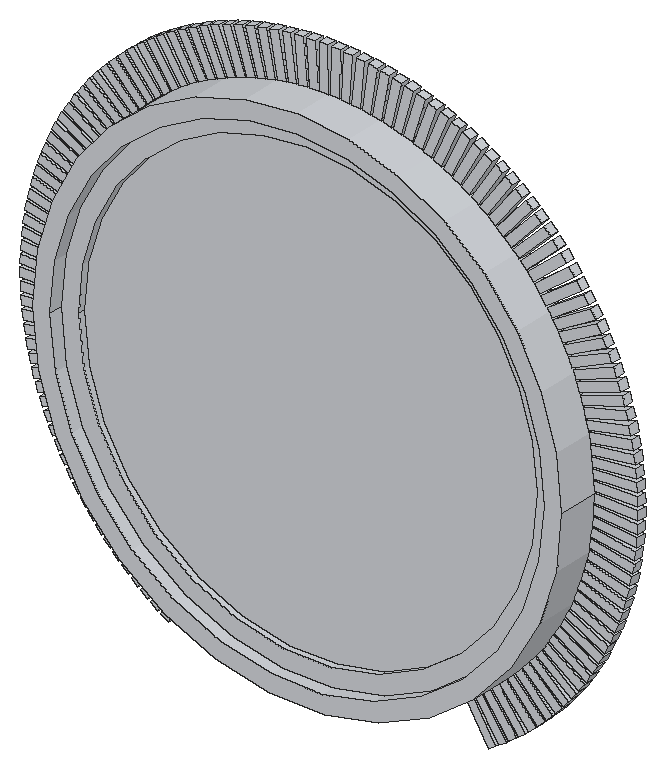
Revit family "Puerta entrada HOBBIT", category Puertas, Revit 2016
Family settings
  Anfitrión = Muro
  Número OmniClass = 23.30.10.00
  Título OmniClass = Doors
  Siempre vertical = Sí
  Corte con vacíos al cargar = No
  Compartido = No
  Punto de cálculo de habitación = No
Parameters
  PUERTA_mitad de grosor = 37.305 mm
  PUERTA-material = none
  PUERTA-grosor = 74.402 mm
  PUERTA-diametro = 2600 mm
  POMO-material = none
  POMO-altura = 1500 mm
  Material ladrillo = none
  MARCO-material = none
  MARCO-linea interior = 2800 mm
  MARCO-linea exterior = 3000 mm
  LADRILLO-material = none
  Función = Interior
  Proyección marco ext. = 25 mm
  Proyección marco int. = 25 mm
  Anchura de marco = 75 mm
  Altura = 3000 mm
  Cierre de muro = Por anfitrión
  Anchura = 1000 mm
Reference planes
  plane 1: y = 0
  plane 2 "Centro (Izquierda/Derecha)": x = 0
  plane 3 "Izquierda": x = -500
  plane 4 "Derecha": x = 500
  plane 5: z = 3000
  plane 6 "Exterior": y = 75
  plane 7 "Interior": y = -75
Forms (mm)
  Sweep 1, solid, material <- "MARCO-material"
    path origin (0, 75, 0) x (1, 0, 0) y (0, 0, 1)
      loop
        circle (0, 1500) r 1500
    profile origin (0, 75, 3000) x (0, 0, -1) y (0, -1, 0)
      loop
        line (0, -75) -> (100, -75) -> (100, 0) -> (200, 0) -> (200, 150) -> (100, 150) -> (100, 225) -> (0, 225) -> (0, -75)
  Extrusion 2, solid, material <- "PUERTA-material"
    sketch origin (0, 75, 0) x (1, 0, 0) y (0, 0, 1)
      loop
        circle (0, 1500) r 1300
    from 37.695 to 112.098
  Revolve 3, solid, material <- "POMO-material"
    sketch origin (0, -137.695, 0) x (0, 1, 0) y (0, 0, 1)
      loop
        line (175, 1560) -> (175, 1500) -> (375, 1500)
        arc (375, 1500) -> (334.126, 1556.87) -> (267.193, 1536.256) r 60
        arc (267.193, 1536.256) -> (229.697, 1511.727) -> (185, 1514.86) r 70.236
        line (185, 1514.86) -> (185, 1560) -> (175, 1560)
      axis (175, 1500) -> (375, 1500)
    angle from 0 to 360
  Extrusion 4, solid, material <- "LADRILLO-material"
    sketch origin (-792.476, 75, 2773.57) x (-0.849047, 0, -0.528317) y (0.528317, 0, -0.849047)
      loop
        line (25, 3250) -> (-25, 3250) -> (-25, 3000) -> (25, 3000) -> (25, 3250)
    from -50.793 to 0
  Extrusion 5, solid, material <- "LADRILLO-material"
    sketch origin (798.309, 75, 2769.923) x (-0.846615, 0, 0.532206) y (-0.532206, 0, -0.846615)
      loop
        line (25, 3250) -> (-25, 3250) -> (-25, 3000) -> (25, 3000) -> (25, 3250)
    from -50.793 to 0
  Extrusion 6, solid, material <- "LADRILLO-material"
    sketch origin (-842.581, 75, 2740.99) x (-0.827327, 0, -0.561721) y (0.561721, 0, -0.827327)
      loop
        line (25, 3250) -> (-25, 3250) -> (-25, 3000) -> (25, 3000) -> (25, 3250)
    from -50.793 to 0
  Extrusion 7, solid, material <- "LADRILLO-material"
    sketch origin (-891.348, 75, 2706.44) x (-0.804293, 0, -0.594232) y (0.594232, 0, -0.804293)
      loop
        line (25, 3250) -> (-25, 3250) -> (-25, 3000) -> (25, 3000) -> (25, 3250)
    from -50.793 to 0
  Extrusion 8, solid, material <- "LADRILLO-material"
    sketch origin (-938.701, 75, 2669.975) x (-0.779983, 0, -0.6258) y (0.6258, 0, -0.779983)
      loop
        line (25, 3250) -> (-25, 3250) -> (-25, 3000) -> (25, 3000) -> (25, 3250)
    from -50.793 to 0
  Extrusion 9, solid, material <- "LADRILLO-material"
    sketch origin (-984.563, 75, 2631.652) x (-0.754435, 0, -0.656375) y (0.656375, 0, -0.754435)
      loop
        line (25, 3250) -> (-25, 3250) -> (-25, 3000) -> (25, 3000) -> (25, 3250)
    from -50.793 to 0
  Extrusion 10, solid, material <- "LADRILLO-material"
    sketch origin (-1028.862, 75, 2591.533) x (-0.727688, 0, -0.685908) y (0.685908, 0, -0.727688)
      loop
        line (25, 3250) -> (-25, 3250) -> (-25, 3000) -> (25, 3000) -> (25, 3250)
    from -50.793 to 0
  Extrusion 11, solid, material <- "LADRILLO-material"
    sketch origin (-1071.527, 75, 2549.681) x (-0.699787, 0, -0.714352) y (0.714352, 0, -0.699787)
      loop
        line (25, 3250) -> (-25, 3250) -> (-25, 3000) -> (25, 3000) -> (25, 3250)
    from -50.793 to 0
  Extrusion 12, solid, material <- "LADRILLO-material"
    sketch origin (-1112.492, 75, 2506.162) x (-0.670775, 0, -0.741661) y (0.741661, 0, -0.670775)
      loop
        line (25, 3250) -> (-25, 3250) -> (-25, 3000) -> (25, 3000) -> (25, 3250)
    from -50.793 to 0
  Extrusion 13, solid, material <- "LADRILLO-material"
    sketch origin (-1151.69, 75, 2461.046) x (-0.640697, 0, -0.767794) y (0.767794, 0, -0.640697)
      loop
        line (25, 3250) -> (-25, 3250) -> (-25, 3000) -> (25, 3000) -> (25, 3250)
    from -50.793 to 0
  Extrusion 14, solid, material <- "LADRILLO-material"
    sketch origin (-1190.663, 75, 2412.316) x (-0.608211, 0, -0.793776) y (0.793776, 0, -0.608211)
      loop
        line (25, 3250) -> (-25, 3250) -> (-25, 3000) -> (25, 3000) -> (25, 3250)
    from -50.793 to 0
  Extrusion 15, solid, material <- "LADRILLO-material"
    sketch origin (-1226.23, 75, 2363.921) x (-0.575948, 0, -0.817487) y (0.817487, 0, -0.575948)
      loop
        line (25, 3250) -> (-25, 3250) -> (-25, 3000) -> (25, 3000) -> (25, 3250)
    from -50.793 to 0
  Extrusion 16, solid, material <- "LADRILLO-material"
    sketch origin (-1259.831, 75, 2314.142) x (-0.542761, 0, -0.839887) y (0.839887, 0, -0.542761)
      loop
        line (25, 3250) -> (-25, 3250) -> (-25, 3000) -> (25, 3000) -> (25, 3250)
    from -50.793 to 0
  Extrusion 17, solid, material <- "LADRILLO-material"
    sketch origin (-1291.412, 75, 2263.057) x (-0.508705, 0, -0.860941) y (0.860941, 0, -0.508705)
      loop
        line (25, 3250) -> (-25, 3250) -> (-25, 3000) -> (25, 3000) -> (25, 3250)
    from -50.793 to 0
  Extrusion 18, solid, material <- "LADRILLO-material"
    sketch origin (-1320.922, 75, 2210.749) x (-0.473833, 0, -0.880615) y (0.880615, 0, -0.473833)
      loop
        line (25, 3250) -> (-25, 3250) -> (-25, 3000) -> (25, 3000) -> (25, 3250)
    from -50.793 to 0
  Extrusion 19, solid, material <- "LADRILLO-material"
    sketch origin (-1348.315, 75, 2157.302) x (-0.438201, 0, -0.898877) y (0.898877, 0, -0.438201)
      loop
        line (25, 3250) -> (-25, 3250) -> (-25, 3000) -> (25, 3000) -> (25, 3250)
    from -50.793 to 0
  Extrusion 20, solid, material <- "LADRILLO-material"
    sketch origin (-1373.547, 75, 2102.801) x (-0.401867, 0, -0.915698) y (0.915698, 0, -0.401867)
      loop
        line (25, 3250) -> (-25, 3250) -> (-25, 3000) -> (25, 3000) -> (25, 3250)
    from -50.793 to 0
  Extrusion 21, solid, material <- "LADRILLO-material"
    sketch origin (-1396.577, 75, 2047.333) x (-0.364889, 0, -0.931051) y (0.931051, 0, -0.364889)
      loop
        line (25, 3250) -> (-25, 3250) -> (-25, 3000) -> (25, 3000) -> (25, 3250)
    from -50.793 to 0
  Extrusion 22, solid, material <- "LADRILLO-material"
    sketch origin (-1417.367, 75, 1990.988) x (-0.327326, 0, -0.944912) y (0.944912, 0, -0.327326)
      loop
        line (25, 3250) -> (-25, 3250) -> (-25, 3000) -> (25, 3000) -> (25, 3250)
    from -50.793 to 0
  Extrusion 23, solid, material <- "LADRILLO-material"
    sketch origin (-1435.886, 75, 1933.856) x (-0.289238, 0, -0.957257) y (0.957257, 0, -0.289238)
      loop
        line (25, 3250) -> (-25, 3250) -> (-25, 3000) -> (25, 3000) -> (25, 3250)
    from -50.793 to 0
  Extrusion 24, solid, material <- "LADRILLO-material"
    sketch origin (-1452.103, 75, 1876.029) x (-0.250686, 0, -0.968068) y (0.968068, 0, -0.250686)
      loop
        line (25, 3250) -> (-25, 3250) -> (-25, 3000) -> (25, 3000) -> (25, 3250)
    from -50.793 to 0
  Extrusion 25, solid, material <- "LADRILLO-material"
    sketch origin (-1465.992, 75, 1817.598) x (-0.211732, 0, -0.977328) y (0.977328, 0, -0.211732)
      loop
        line (25, 3250) -> (-25, 3250) -> (-25, 3000) -> (25, 3000) -> (25, 3250)
    from -50.793 to 0
  Extrusion 26, solid, material <- "LADRILLO-material"
    sketch origin (-1477.53, 75, 1758.659) x (-0.172439, 0, -0.98502) y (0.98502, 0, -0.172439)
      loop
        line (25, 3250) -> (-25, 3250) -> (-25, 3000) -> (25, 3000) -> (25, 3250)
    from -50.793 to 0
  Extrusion 27, solid, material <- "LADRILLO-material"
    sketch origin (-1486.7, 75, 1699.305) x (-0.13287, 0, -0.991133) y (0.991133, 0, -0.13287)
      loop
        line (25, 3250) -> (-25, 3250) -> (-25, 3000) -> (25, 3000) -> (25, 3250)
    from -50.793 to 0
  Extrusion 28, solid, material <- "LADRILLO-material"
    sketch origin (-1493.487, 75, 1639.631) x (-0.093087, 0, -0.995658) y (0.995658, 0, -0.093087)
      loop
        line (25, 3250) -> (-25, 3250) -> (-25, 3000) -> (25, 3000) -> (25, 3250)
    from -50.793 to 0
  Extrusion 29, solid, material <- "LADRILLO-material"
    sketch origin (-1497.879, 75, 1579.734) x (-0.053156, 0, -0.998586) y (0.998586, 0, -0.053156)
      loop
        line (25, 3250) -> (-25, 3250) -> (-25, 3000) -> (25, 3000) -> (25, 3250)
    from -50.793 to 0
  Extrusion 30, solid, material <- "LADRILLO-material"
    sketch origin (-1499.871, 75, 1519.708) x (-0.013139, 0, -0.999914) y (0.999914, 0, -0.013139)
      loop
        line (25, 3250) -> (-25, 3250) -> (-25, 3000) -> (25, 3000) -> (25, 3250)
    from -50.793 to 0
  Extrusion 31, solid, material <- "LADRILLO-material"
    sketch origin (-1499.457, 75, 1459.651) x (0.026899, 0, -0.999638) y (0.999638, 0, 0.026899)
      loop
        line (25, 3250) -> (-25, 3250) -> (-25, 3000) -> (25, 3000) -> (25, 3250)
    from -50.793 to 0
  Extrusion 32, solid, material <- "LADRILLO-material"
    sketch origin (-1496.64, 75, 1399.659) x (0.066894, 0, -0.99776) y (0.99776, 0, 0.066894)
      loop
        line (25, 3250) -> (-25, 3250) -> (-25, 3000) -> (25, 3000) -> (25, 3250)
    from -50.793 to 0
  Extrusion 33, solid, material <- "LADRILLO-material"
    sketch origin (-1491.424, 75, 1339.828) x (0.106782, 0, -0.994283) y (0.994283, 0, 0.106782)
      loop
        line (25, 3250) -> (-25, 3250) -> (-25, 3000) -> (25, 3000) -> (25, 3250)
    from -50.793 to 0
  Extrusion 34, solid, material <- "LADRILLO-material"
    sketch origin (-1483.816, 75, 1280.253) x (0.146498, 0, -0.989211) y (0.989211, 0, 0.146498)
      loop
        line (25, 3250) -> (-25, 3250) -> (-25, 3000) -> (25, 3000) -> (25, 3250)
    from -50.793 to 0
  Extrusion 35, solid, material <- "LADRILLO-material"
    sketch origin (-1473.83, 75, 1221.031) x (0.18598, 0, -0.982554) y (0.982554, 0, 0.18598)
      loop
        line (25, 3250) -> (-25, 3250) -> (-25, 3000) -> (25, 3000) -> (25, 3250)
    from -50.793 to 0
  Extrusion 36, solid, material <- "LADRILLO-material"
    sketch origin (-1461.482, 75, 1162.256) x (0.225163, 0, -0.974321) y (0.974321, 0, 0.225163)
      loop
        line (25, 3250) -> (-25, 3250) -> (-25, 3000) -> (25, 3000) -> (25, 3250)
    from -50.793 to 0
  Extrusion 37, solid, material <- "LADRILLO-material"
    sketch origin (-1446.79, 75, 1104.022) x (0.263985, 0, -0.964527) y (0.964527, 0, 0.263985)
      loop
        line (25, 3250) -> (-25, 3250) -> (-25, 3000) -> (25, 3000) -> (25, 3250)
    from -50.793 to 0
  Extrusion 38, solid, material <- "LADRILLO-material"
    sketch origin (-1429.779, 75, 1046.423) x (0.302385, 0, -0.953186) y (0.953186, 0, 0.302385)
      loop
        line (25, 3250) -> (-25, 3250) -> (-25, 3000) -> (25, 3000) -> (25, 3250)
    from -50.793 to 0
  Extrusion 39, solid, material <- "LADRILLO-material"
    sketch origin (-1410.476, 75, 989.551) x (0.340299, 0, -0.940317) y (0.940317, 0, 0.340299)
      loop
        line (25, 3250) -> (-25, 3250) -> (-25, 3000) -> (25, 3000) -> (25, 3250)
    from -50.793 to 0
  Extrusion 40, solid, material <- "LADRILLO-material"
    sketch origin (-1388.912, 75, 933.498) x (0.377668, 0, -0.925941) y (0.925941, 0, 0.377668)
      loop
        line (25, 3250) -> (-25, 3250) -> (-25, 3000) -> (25, 3000) -> (25, 3250)
    from -50.793 to 0
  Extrusion 41, solid, material <- "LADRILLO-material"
    sketch origin (-1365.121, 75, 878.353) x (0.414432, 0, -0.91008) y (0.91008, 0, 0.414432)
      loop
        line (25, 3250) -> (-25, 3250) -> (-25, 3000) -> (25, 3000) -> (25, 3250)
    from -50.793 to 0
  Extrusion 42, solid, material <- "LADRILLO-material"
    sketch origin (-1339.141, 75, 824.204) x (0.450531, 0, -0.892761) y (0.892761, 0, 0.450531)
      loop
        line (25, 3250) -> (-25, 3250) -> (-25, 3000) -> (25, 3000) -> (25, 3250)
    from -50.793 to 0
  Extrusion 43, solid, material <- "LADRILLO-material"
    sketch origin (-1311.015, 75, 771.139) x (0.485908, 0, -0.87401) y (0.87401, 0, 0.485908)
      loop
        line (25, 3250) -> (-25, 3250) -> (-25, 3000) -> (25, 3000) -> (25, 3250)
    from -50.793 to 0
  Extrusion 44, solid, material <- "LADRILLO-material"
    sketch origin (-1280.787, 75, 719.242) x (0.520506, 0, -0.853858) y (0.853858, 0, 0.520506)
      loop
        line (25, 3250) -> (-25, 3250) -> (-25, 3000) -> (25, 3000) -> (25, 3250)
    from -50.793 to 0
  Extrusion 45, solid, material <- "LADRILLO-material"
    sketch origin (-1248.506, 75, 668.596) x (0.554269, 0, -0.832338) y (0.832338, 0, 0.554269)
      loop
        line (25, 3250) -> (-25, 3250) -> (-25, 3000) -> (25, 3000) -> (25, 3250)
    from -50.793 to 0
  Extrusion 46, solid, material <- "LADRILLO-material"
    sketch origin (-1214.224, 75, 619.284) x (0.587144, 0, -0.809483) y (0.809483, 0, 0.587144)
      loop
        line (25, 3250) -> (-25, 3250) -> (-25, 3000) -> (25, 3000) -> (25, 3250)
    from -50.793 to 0
  Extrusion 47, solid, material <- "LADRILLO-material"
    sketch origin (-1177.995, 75, 571.384) x (0.619078, 0, -0.78533) y (0.78533, 0, 0.619078)
      loop
        line (25, 3250) -> (-25, 3250) -> (-25, 3000) -> (25, 3000) -> (25, 3250)
    from -50.793 to 0
  Extrusion 48, solid, material <- "LADRILLO-material"
    sketch origin (-1139.877, 75, 524.972) x (0.650019, 0, -0.759918) y (0.759918, 0, 0.650019)
      loop
        line (25, 3250) -> (-25, 3250) -> (-25, 3000) -> (25, 3000) -> (25, 3250)
    from -50.793 to 0
  Extrusion 49, solid, material <- "LADRILLO-material"
    sketch origin (-1099.932, 75, 480.123) x (0.679918, 0, -0.733288) y (0.733288, 0, 0.679918)
      loop
        line (25, 3250) -> (-25, 3250) -> (-25, 3000) -> (25, 3000) -> (25, 3250)
    from -50.793 to 0
  Extrusion 50, solid, material <- "LADRILLO-material"
    sketch origin (-1058.224, 75, 436.909) x (0.708727, 0, -0.705483) y (0.705483, 0, 0.708727)
      loop
        line (25, 3250) -> (-25, 3250) -> (-25, 3000) -> (25, 3000) -> (25, 3250)
    from -50.793 to 0
  Extrusion 51, solid, material <- "LADRILLO-material"
    sketch origin (-1014.819, 75, 395.4) x (0.7364, 0, -0.676546) y (0.676546, 0, 0.7364)
      loop
        line (25, 3250) -> (-25, 3250) -> (-25, 3000) -> (25, 3000) -> (25, 3250)
    from -50.793 to 0
  Extrusion 52, solid, material <- "LADRILLO-material"
    sketch origin (-969.788, 75, 355.661) x (0.762893, 0, -0.646525) y (0.646525, 0, 0.762893)
      loop
        line (25, 3250) -> (-25, 3250) -> (-25, 3000) -> (25, 3000) -> (25, 3250)
    from -50.793 to 0
  Extrusion 53, solid, material <- "LADRILLO-material"
    sketch origin (-923.201, 75, 317.757) x (0.788162, 0, -0.615468) y (0.615468, 0, 0.788162)
      loop
        line (25, 3250) -> (-25, 3250) -> (-25, 3000) -> (25, 3000) -> (25, 3250)
    from -50.793 to 0
  Extrusion 54, solid, material <- "LADRILLO-material"
    sketch origin (-875.135, 75, 281.748) x (0.812168, 0, -0.583423) y (0.583423, 0, 0.812168)
      loop
        line (25, 3250) -> (-25, 3250) -> (-25, 3000) -> (25, 3000) -> (25, 3250)
    from -50.793 to 0
  Extrusion 55, solid, material <- "LADRILLO-material"
    sketch origin (-825.666, 75, 247.692) x (0.834872, 0, -0.550444) y (0.550444, 0, 0.834872)
      loop
        line (25, 3250) -> (-25, 3250) -> (-25, 3000) -> (25, 3000) -> (25, 3250)
    from -50.793 to 0
  Extrusion 56, solid, material <- "LADRILLO-material"
    sketch origin (-774.873, 75, 215.644) x (0.856238, 0, -0.516582) y (0.516582, 0, 0.856238)
      loop
        line (25, 3250) -> (-25, 3250) -> (-25, 3000) -> (25, 3000) -> (25, 3250)
    from -50.793 to 0
  Extrusion 57, solid, material <- "LADRILLO-material"
    sketch origin (-722.838, 75, 185.654) x (0.876231, 0, -0.481892) y (0.481892, 0, 0.876231)
      loop
        line (25, 3250) -> (-25, 3250) -> (-25, 3000) -> (25, 3000) -> (25, 3250)
    from -50.793 to 0
  Extrusion 58, solid, material <- "LADRILLO-material"
    sketch origin (-669.644, 75, 157.772) x (0.894819, 0, -0.44643) y (0.44643, 0, 0.894819)
      loop
        line (25, 3250) -> (-25, 3250) -> (-25, 3000) -> (25, 3000) -> (25, 3250)
    from -50.793 to 0
  Extrusion 59, solid, material <- "LADRILLO-material"
    sketch origin (-615.377, 75, 132.041) x (0.911972, 0, -0.410251) y (0.410251, 0, 0.911972)
      loop
        line (25, 3250) -> (-25, 3250) -> (-25, 3000) -> (25, 3000) -> (25, 3250)
    from -50.793 to 0
  Extrusion 60, solid, material <- "LADRILLO-material"
    sketch origin (-560.123, 75, 108.504) x (0.927664, 0, -0.373415) y (0.373415, 0, 0.927664)
      loop
        line (25, 3250) -> (-25, 3250) -> (-25, 3000) -> (25, 3000) -> (25, 3250)
    from -50.793 to 0
  Extrusion 61, solid, material <- "LADRILLO-material"
    sketch origin (-503.971, 75, 87.197) x (0.941869, 0, -0.335981) y (0.335981, 0, 0.941869)
      loop
        line (25, 3250) -> (-25, 3250) -> (-25, 3000) -> (25, 3000) -> (25, 3250)
    from -50.793 to 0
  Extrusion 62, solid, material <- "LADRILLO-material"
    sketch origin (-447.012, 75, 68.155) x (0.954563, 0, -0.298008) y (0.298008, 0, 0.954563)
      loop
        line (25, 3250) -> (-25, 3250) -> (-25, 3000) -> (25, 3000) -> (25, 3250)
    from -50.793 to 0
  Extrusion 63, solid, material <- "LADRILLO-material"
    sketch origin (-389.335, 75, 51.408) x (0.965728, 0, -0.259557) y (0.259557, 0, 0.965728)
      loop
        line (25, 3250) -> (-25, 3250) -> (-25, 3000) -> (25, 3000) -> (25, 3250)
    from -50.793 to 0
  Extrusion 64, solid, material <- "LADRILLO-material"
    sketch origin (-331.035, 75, 36.984) x (0.975344, 0, -0.22069) y (0.22069, 0, 0.975344)
      loop
        line (25, 3250) -> (-25, 3250) -> (-25, 3000) -> (25, 3000) -> (25, 3250)
    from -50.793 to 0
  Extrusion 65, solid, material <- "LADRILLO-material"
    sketch origin (-272.204, 75, 24.905) x (0.983397, 0, -0.181469) y (0.181469, 0, 0.983397)
      loop
        line (25, 3250) -> (-25, 3250) -> (-25, 3000) -> (25, 3000) -> (25, 3250)
    from -50.793 to 0
  Extrusion 66, solid, material <- "LADRILLO-material"
    sketch origin (-212.936, 75, 15.191) x (0.989873, 0, -0.141957) y (0.141957, 0, 0.989873)
      loop
        line (25, 3250) -> (-25, 3250) -> (-25, 3000) -> (25, 3000) -> (25, 3250)
    from -50.793 to 0
  Extrusion 67, solid, material <- "LADRILLO-material"
    sketch origin (-153.327, 75, 7.857) x (0.994762, 0, -0.102218) y (0.102218, 0, 0.994762)
      loop
        line (25, 3250) -> (-25, 3250) -> (-25, 3000) -> (25, 3000) -> (25, 3250)
    from -50.793 to 0
  Extrusion 68, solid, material <- "LADRILLO-material"
    sketch origin (-93.473, 75, 2.915) x (0.998057, 0, -0.062315) y (0.062315, 0, 0.998057)
      loop
        line (25, 3250) -> (-25, 3250) -> (-25, 3000) -> (25, 3000) -> (25, 3250)
    from -50.793 to 0
  Extrusion 69, solid, material <- "LADRILLO-material"
    sketch origin (-33.468, 75, 0.373) x (0.999751, 0, -0.022312) y (0.022312, 0, 0.999751)
      loop
        line (25, 3250) -> (-25, 3250) -> (-25, 3000) -> (25, 3000) -> (25, 3250)
    from -50.793 to 0
  Extrusion 70, solid, material <- "LADRILLO-material"
    sketch origin (26.59, 75, 0.236) x (0.999843, 0, 0.017727) y (-0.017727, 0, 0.999843)
      loop
        line (25, 3250) -> (-25, 3250) -> (-25, 3000) -> (25, 3000) -> (25, 3250)
    from -50.793 to 0
  Extrusion 71, solid, material <- "LADRILLO-material"
    sketch origin (86.606, 75, 2.502) x (0.998332, 0, 0.057737) y (-0.057737, 0, 0.998332)
      loop
        line (25, 3250) -> (-25, 3250) -> (-25, 3000) -> (25, 3000) -> (25, 3250)
    from -50.793 to 0
  Extrusion 72, solid, material <- "LADRILLO-material"
    sketch origin (146.482, 75, 7.17) x (0.99522, 0, 0.097655) y (-0.097655, 0, 0.99522)
      loop
        line (25, 3250) -> (-25, 3250) -> (-25, 3000) -> (25, 3000) -> (25, 3250)
    from -50.793 to 0
  Extrusion 73, solid, material <- "LADRILLO-material"
    sketch origin (206.124, 75, 14.23) x (0.990513, 0, 0.137416) y (-0.137416, 0, 0.990513)
      loop
        line (25, 3250) -> (-25, 3250) -> (-25, 3000) -> (25, 3000) -> (25, 3250)
    from -50.793 to 0
  Extrusion 74, solid, material <- "LADRILLO-material"
    sketch origin (265.436, 75, 23.672) x (0.984219, 0, 0.176957) y (-0.176957, 0, 0.984219)
      loop
        line (25, 3250) -> (-25, 3250) -> (-25, 3000) -> (25, 3000) -> (25, 3250)
    from -50.793 to 0
  Extrusion 75, solid, material <- "LADRILLO-material"
    sketch origin (324.322, 75, 35.481) x (0.976346, 0, 0.216214) y (-0.216214, 0, 0.976346)
      loop
        line (25, 3250) -> (-25, 3250) -> (-25, 3000) -> (25, 3000) -> (25, 3250)
    from -50.793 to 0
  Extrusion 76, solid, material <- "LADRILLO-material"
    sketch origin (382.688, 75, 49.638) x (0.966908, 0, 0.255125) y (-0.255125, 0, 0.966908)
      loop
        line (25, 3250) -> (-25, 3250) -> (-25, 3000) -> (25, 3000) -> (25, 3250)
    from -50.793 to 0
  Extrusion 77, solid, material <- "LADRILLO-material"
    sketch origin (440.44, 75, 66.12) x (0.95592, 0, 0.293627) y (-0.293627, 0, 0.95592)
      loop
        line (25, 3250) -> (-25, 3250) -> (-25, 3000) -> (25, 3000) -> (25, 3250)
    from -50.793 to 0
  Extrusion 78, solid, material <- "LADRILLO-material"
    sketch origin (497.487, 75, 84.9) x (0.9434, 0, 0.331658) y (-0.331658, 0, 0.9434)
      loop
        line (25, 3250) -> (-25, 3250) -> (-25, 3000) -> (25, 3000) -> (25, 3250)
    from -50.793 to 0
  Extrusion 79, solid, material <- "LADRILLO-material"
    sketch origin (553.736, 75, 105.949) x (0.929367, 0, 0.369157) y (-0.369157, 0, 0.929367)
      loop
        line (25, 3250) -> (-25, 3250) -> (-25, 3000) -> (25, 3000) -> (25, 3250)
    from -50.793 to 0
  Extrusion 80, solid, material <- "LADRILLO-material"
    sketch origin (609.097, 75, 129.233) x (0.913844, 0, 0.406065) y (-0.406065, 0, 0.913844)
      loop
        line (25, 3250) -> (-25, 3250) -> (-25, 3000) -> (25, 3000) -> (25, 3250)
    from -50.793 to 0
  Extrusion 81, solid, material <- "LADRILLO-material"
    sketch origin (663.482, 75, 154.715) x (0.896857, 0, 0.442321) y (-0.442321, 0, 0.896857)
      loop
        line (25, 3250) -> (-25, 3250) -> (-25, 3000) -> (25, 3000) -> (25, 3250)
    from -50.793 to 0
  Extrusion 82, solid, material <- "LADRILLO-material"
    sketch origin (716.803, 75, 182.353) x (0.878431, 0, 0.477869) y (-0.477869, 0, 0.878431)
      loop
        line (25, 3250) -> (-25, 3250) -> (-25, 3000) -> (25, 3000) -> (25, 3250)
    from -50.793 to 0
  Extrusion 83, solid, material <- "LADRILLO-material"
    sketch origin (768.975, 75, 212.103) x (0.858598, 0, 0.51265) y (-0.51265, 0, 0.858598)
      loop
        line (25, 3250) -> (-25, 3250) -> (-25, 3000) -> (25, 3000) -> (25, 3250)
    from -50.793 to 0
  Extrusion 84, solid, material <- "LADRILLO-material"
    sketch origin (819.914, 75, 243.918) x (0.837388, 0, 0.546609) y (-0.546609, 0, 0.837388)
      loop
        line (25, 3250) -> (-25, 3250) -> (-25, 3000) -> (25, 3000) -> (25, 3250)
    from -50.793 to 0
  Extrusion 85, solid, material <- "LADRILLO-material"
    sketch origin (869.539, 75, 277.747) x (0.814835, 0, 0.579693) y (-0.579693, 0, 0.814835)
      loop
        line (25, 3250) -> (-25, 3250) -> (-25, 3000) -> (25, 3000) -> (25, 3250)
    from -50.793 to 0
  Extrusion 86, solid, material <- "LADRILLO-material"
    sketch origin (917.77, 75, 313.535) x (0.790977, 0, 0.611847) y (-0.611847, 0, 0.790977)
      loop
        line (25, 3250) -> (-25, 3250) -> (-25, 3000) -> (25, 3000) -> (25, 3250)
    from -50.793 to 0
  Extrusion 87, solid, material <- "LADRILLO-material"
    sketch origin (964.529, 75, 351.225) x (0.76585, 0, 0.64302) y (-0.64302, 0, 0.76585)
      loop
        line (25, 3250) -> (-25, 3250) -> (-25, 3000) -> (25, 3000) -> (25, 3250)
    from -50.793 to 0
  Extrusion 88, solid, material <- "LADRILLO-material"
    sketch origin (1009.743, 75, 390.757) x (0.739495, 0, 0.673162) y (-0.673162, 0, 0.739495)
      loop
        line (25, 3250) -> (-25, 3250) -> (-25, 3000) -> (25, 3000) -> (25, 3250)
    from -50.793 to 0
  Extrusion 89, solid, material <- "LADRILLO-material"
    sketch origin (1053.337, 75, 432.067) x (0.711955, 0, 0.702225) y (-0.702225, 0, 0.711955)
      loop
        line (25, 3250) -> (-25, 3250) -> (-25, 3000) -> (25, 3000) -> (25, 3250)
    from -50.793 to 0
  Extrusion 90, solid, material <- "LADRILLO-material"
    sketch origin (1095.243, 75, 475.089) x (0.683274, 0, 0.730162) y (-0.730162, 0, 0.683274)
      loop
        line (25, 3250) -> (-25, 3250) -> (-25, 3000) -> (25, 3000) -> (25, 3250)
    from -50.793 to 0
  Extrusion 91, solid, material <- "LADRILLO-material"
    sketch origin (1135.393, 75, 519.754) x (0.653497, 0, 0.756929) y (-0.756929, 0, 0.653497)
      loop
        line (25, 3250) -> (-25, 3250) -> (-25, 3000) -> (25, 3000) -> (25, 3250)
    from -50.793 to 0
  Extrusion 92, solid, material <- "LADRILLO-material"
    sketch origin (1173.723, 75, 565.991) x (0.622673, 0, 0.782482) y (-0.782482, 0, 0.622673)
      loop
        line (25, 3250) -> (-25, 3250) -> (-25, 3000) -> (25, 3000) -> (25, 3250)
    from -50.793 to 0
  Extrusion 93, solid, material <- "LADRILLO-material"
    sketch origin (1210.172, 75, 613.725) x (0.59085, 0, 0.806781) y (-0.806781, 0, 0.59085)
      loop
        line (25, 3250) -> (-25, 3250) -> (-25, 3000) -> (25, 3000) -> (25, 3250)
    from -50.793 to 0
  Extrusion 94, solid, material <- "LADRILLO-material"
    sketch origin (1244.68, 75, 662.879) x (0.55808, 0, 0.829787) y (-0.829787, 0, 0.55808)
      loop
        line (25, 3250) -> (-25, 3250) -> (-25, 3000) -> (25, 3000) -> (25, 3250)
    from -50.793 to 0
  Extrusion 95, solid, material <- "LADRILLO-material"
    sketch origin (1277.193, 75, 713.376) x (0.524416, 0, 0.851462) y (-0.851462, 0, 0.524416)
      loop
        line (25, 3250) -> (-25, 3250) -> (-25, 3000) -> (25, 3000) -> (25, 3250)
    from -50.793 to 0
  Extrusion 96, solid, material <- "LADRILLO-material"
    sketch origin (1307.659, 75, 765.134) x (0.489911, 0, 0.871772) y (-0.871772, 0, 0.489911)
      loop
        line (25, 3250) -> (-25, 3250) -> (-25, 3000) -> (25, 3000) -> (25, 3250)
    from -50.793 to 0
  Extrusion 97, solid, material <- "LADRILLO-material"
    sketch origin (1336.028, 75, 818.069) x (0.45462, 0, 0.890685) y (-0.890685, 0, 0.45462)
      loop
        line (25, 3250) -> (-25, 3250) -> (-25, 3000) -> (25, 3000) -> (25, 3250)
    from -50.793 to 0
  Extrusion 98, solid, material <- "LADRILLO-material"
    sketch origin (1362.255, 75, 872.098) x (0.418601, 0, 0.90817) y (-0.90817, 0, 0.418601)
      loop
        line (25, 3250) -> (-25, 3250) -> (-25, 3000) -> (25, 3000) -> (25, 3250)
    from -50.793 to 0
  Extrusion 99, solid, material <- "LADRILLO-material"
    sketch origin (1386.299, 75, 927.134) x (0.381911, 0, 0.924199) y (-0.924199, 0, 0.381911)
      loop
        line (25, 3250) -> (-25, 3250) -> (-25, 3000) -> (25, 3000) -> (25, 3250)
    from -50.793 to 0
  Extrusion 100, solid, material <- "LADRILLO-material"
    sketch origin (1408.12, 75, 983.088) x (0.344608, 0, 0.938747) y (-0.938747, 0, 0.344608)
      loop
        line (25, 3250) -> (-25, 3250) -> (-25, 3000) -> (25, 3000) -> (25, 3250)
    from -50.793 to 0
  Extrusion 101, solid, material <- "LADRILLO-material"
    sketch origin (1427.684, 75, 1039.871) x (0.306753, 0, 0.951789) y (-0.951789, 0, 0.306753)
      loop
        line (25, 3250) -> (-25, 3250) -> (-25, 3000) -> (25, 3000) -> (25, 3250)
    from -50.793 to 0
  Extrusion 102, solid, material <- "LADRILLO-material"
    sketch origin (1444.959, 75, 1097.391) x (0.268406, 0, 0.963306) y (-0.963306, 0, 0.268406)
      loop
        line (25, 3250) -> (-25, 3250) -> (-25, 3000) -> (25, 3000) -> (25, 3250)
    from -50.793 to 0
  Extrusion 103, solid, material <- "LADRILLO-material"
    sketch origin (1459.917, 75, 1155.556) x (0.229629, 0, 0.973278) y (-0.973278, 0, 0.229629)
      loop
        line (25, 3250) -> (-25, 3250) -> (-25, 3000) -> (25, 3000) -> (25, 3250)
    from -50.793 to 0
  Extrusion 104, solid, material <- "LADRILLO-material"
    sketch origin (1472.536, 75, 1214.274) x (0.190484, 0, 0.98169) y (-0.98169, 0, 0.190484)
      loop
        line (25, 3250) -> (-25, 3250) -> (-25, 3000) -> (25, 3000) -> (25, 3250)
    from -50.793 to 0
  Extrusion 105, solid, material <- "LADRILLO-material"
    sketch origin (1482.793, 75, 1273.45) x (0.151033, 0, 0.988529) y (-0.988529, 0, 0.151033)
      loop
        line (25, 3250) -> (-25, 3250) -> (-25, 3000) -> (25, 3000) -> (25, 3250)
    from -50.793 to 0
  Extrusion 106, solid, material <- "LADRILLO-material"
    sketch origin (1490.673, 75, 1332.989) x (0.11134, 0, 0.993782) y (-0.993782, 0, 0.11134)
      loop
        line (25, 3250) -> (-25, 3250) -> (-25, 3000) -> (25, 3000) -> (25, 3250)
    from -50.793 to 0
  Extrusion 107, solid, material <- "LADRILLO-material"
    sketch origin (1496.164, 75, 1392.796) x (0.071469, 0, 0.997443) y (-0.997443, 0, 0.071469)
      loop
        line (25, 3250) -> (-25, 3250) -> (-25, 3000) -> (25, 3000) -> (25, 3250)
    from -50.793 to 0
  Extrusion 108, solid, material <- "LADRILLO-material"
    sketch origin (1499.256, 75, 1452.775) x (0.031483, 0, 0.999504) y (-0.999504, 0, 0.031483)
      loop
        line (25, 3250) -> (-25, 3250) -> (-25, 3000) -> (25, 3000) -> (25, 3250)
    from -50.793 to 0
  Extrusion 109, solid, material <- "LADRILLO-material"
    sketch origin (1499.945, 75, 1512.829) x (-0.008553, 0, 0.999963) y (-0.999963, 0, -0.008553)
      loop
        line (25, 3250) -> (-25, 3250) -> (-25, 3000) -> (25, 3000) -> (25, 3250)
    from -50.793 to 0
  Extrusion 110, solid, material <- "LADRILLO-material"
    sketch origin (1498.229, 75, 1572.863) x (-0.048575, 0, 0.99882) y (-0.99882, 0, -0.048575)
      loop
        line (25, 3250) -> (-25, 3250) -> (-25, 3000) -> (25, 3000) -> (25, 3250)
    from -50.793 to 0
  Extrusion 111, solid, material <- "LADRILLO-material"
    sketch origin (1494.112, 75, 1632.78) x (-0.08852, 0, 0.996074) y (-0.996074, 0, -0.08852)
      loop
        line (25, 3250) -> (-25, 3250) -> (-25, 3000) -> (25, 3000) -> (25, 3250)
    from -50.793 to 0
  Extrusion 112, solid, material <- "LADRILLO-material"
    sketch origin (1487.599, 75, 1692.484) x (-0.128323, 0, 0.991732) y (-0.991732, 0, -0.128323)
      loop
        line (25, 3250) -> (-25, 3250) -> (-25, 3000) -> (25, 3000) -> (25, 3250)
    from -50.793 to 0
  Extrusion 113, solid, material <- "LADRILLO-material"
    sketch origin (1478.701, 75, 1751.88) x (-0.16792, 0, 0.985801) y (-0.985801, 0, -0.16792)
      loop
        line (25, 3250) -> (-25, 3250) -> (-25, 3000) -> (25, 3000) -> (25, 3250)
    from -50.793 to 0
  Extrusion 114, solid, material <- "LADRILLO-material"
    sketch origin (1467.433, 75, 1810.872) x (-0.207248, 0, 0.978288) y (-0.978288, 0, -0.207248)
      loop
        line (25, 3250) -> (-25, 3250) -> (-25, 3000) -> (25, 3000) -> (25, 3250)
    from -50.793 to 0
  Extrusion 115, solid, material <- "LADRILLO-material"
    sketch origin (1453.812, 75, 1869.365) x (-0.246243, 0, 0.969208) y (-0.969208, 0, -0.246243)
      loop
        line (25, 3250) -> (-25, 3250) -> (-25, 3000) -> (25, 3000) -> (25, 3250)
    from -50.793 to 0
  Extrusion 116, solid, material <- "LADRILLO-material"
    sketch origin (1437.861, 75, 1927.267) x (-0.284844, 0, 0.958574) y (-0.958574, 0, -0.284844)
      loop
        line (25, 3250) -> (-25, 3250) -> (-25, 3000) -> (25, 3000) -> (25, 3250)
    from -50.793 to 0
  Extrusion 117, solid, material <- "LADRILLO-material"
    sketch origin (1419.604, 75, 1984.483) x (-0.322989, 0, 0.946403) y (-0.946403, 0, -0.322989)
      loop
        line (25, 3250) -> (-25, 3250) -> (-25, 3000) -> (25, 3000) -> (25, 3250)
    from -50.793 to 0
  Extrusion 118, solid, material <- "LADRILLO-material"
    sketch origin (1399.072, 75, 2040.923) x (-0.360615, 0, 0.932715) y (-0.932715, 0, -0.360615)
      loop
        line (25, 3250) -> (-25, 3250) -> (-25, 3000) -> (25, 3000) -> (25, 3250)
    from -50.793 to 0
  Extrusion 119, solid, material <- "LADRILLO-material"
    sketch origin (1376.297, 75, 2096.495) x (-0.397663, 0, 0.917531) y (-0.917531, 0, -0.397663)
      loop
        line (25, 3250) -> (-25, 3250) -> (-25, 3000) -> (25, 3000) -> (25, 3250)
    from -50.793 to 0
  Extrusion 120, solid, material <- "LADRILLO-material"
    sketch origin (1351.316, 75, 2151.111) x (-0.434074, 0, 0.900877) y (-0.900877, 0, -0.434074)
      loop
        line (25, 3250) -> (-25, 3250) -> (-25, 3000) -> (25, 3000) -> (25, 3250)
    from -50.793 to 0
  Extrusion 121, solid, material <- "LADRILLO-material"
    sketch origin (1324.168, 75, 2204.684) x (-0.469789, 0, 0.882779) y (-0.882779, 0, -0.469789)
      loop
        line (25, 3250) -> (-25, 3250) -> (-25, 3000) -> (25, 3000) -> (25, 3250)
    from -50.793 to 0
  Extrusion 122, solid, material <- "LADRILLO-material"
    sketch origin (1294.897, 75, 2257.127) x (-0.504751, 0, 0.863265) y (-0.863265, 0, -0.504751)
      loop
        line (25, 3250) -> (-25, 3250) -> (-25, 3000) -> (25, 3000) -> (25, 3250)
    from -50.793 to 0
  Extrusion 123, solid, material <- "LADRILLO-material"
    sketch origin (1263.551, 75, 2308.356) x (-0.538904, 0, 0.842367) y (-0.842367, 0, -0.538904)
      loop
        line (25, 3250) -> (-25, 3250) -> (-25, 3000) -> (25, 3000) -> (25, 3250)
    from -50.793 to 0
  Extrusion 124, solid, material <- "LADRILLO-material"
    sketch origin (1230.179, 75, 2358.289) x (-0.572192, 0, 0.820119) y (-0.820119, 0, -0.572192)
      loop
        line (25, 3250) -> (-25, 3250) -> (-25, 3000) -> (25, 3000) -> (25, 3250)
    from -50.793 to 0
  Extrusion 125, solid, material <- "LADRILLO-material"
    sketch origin (1194.835, 75, 2406.846) x (-0.604564, 0, 0.796557) y (-0.796557, 0, -0.604564)
      loop
        line (25, 3250) -> (-25, 3250) -> (-25, 3000) -> (25, 3000) -> (25, 3250)
    from -50.793 to 0
  Extrusion 126, solid, material <- "LADRILLO-material"
    sketch origin (1157.575, 75, 2453.949) x (-0.635966, 0, 0.771717) y (-0.771717, 0, -0.635966)
      loop
        line (25, 3250) -> (-25, 3250) -> (-25, 3000) -> (25, 3000) -> (25, 3250)
    from -50.793 to 0
  Extrusion 127, solid, material <- "LADRILLO-material"
    sketch origin (1118.46, 75, 2499.523) x (-0.666349, 0, 0.74564) y (-0.74564, 0, -0.666349)
      loop
        line (25, 3250) -> (-25, 3250) -> (-25, 3000) -> (25, 3000) -> (25, 3250)
    from -50.793 to 0
  Extrusion 128, solid, material <- "LADRILLO-material"
    sketch origin (1077.552, 75, 2543.495) x (-0.695663, 0, 0.718368) y (-0.718368, 0, -0.695663)
      loop
        line (25, 3250) -> (-25, 3250) -> (-25, 3000) -> (25, 3000) -> (25, 3250)
    from -50.793 to 0
  Extrusion 129, solid, material <- "LADRILLO-material"
    sketch origin (1034.916, 75, 2585.794) x (-0.723863, 0, 0.689944) y (-0.689944, 0, -0.723863)
      loop
        line (25, 3250) -> (-25, 3250) -> (-25, 3000) -> (25, 3000) -> (25, 3250)
    from -50.793 to 0
  Extrusion 130, solid, material <- "LADRILLO-material"
    sketch origin (989.032, 75, 2627.748) x (-0.751832, 0, 0.659355) y (-0.659355, 0, -0.751832)
      loop
        line (25, 3250) -> (-25, 3250) -> (-25, 3000) -> (25, 3000) -> (25, 3250)
    from -50.793 to 0
  Extrusion 131, solid, material <- "LADRILLO-material"
    sketch origin (943.506, 75, 2666.103) x (-0.777402, 0, 0.629004) y (-0.629004, 0, -0.777402)
      loop
        line (25, 3250) -> (-25, 3250) -> (-25, 3000) -> (25, 3000) -> (25, 3250)
    from -50.793 to 0
  Extrusion 132, solid, material <- "LADRILLO-material"
    sketch origin (896.493, 75, 2702.622) x (-0.801748, 0, 0.597662) y (-0.597662, 0, -0.801748)
      loop
        line (25, 3250) -> (-25, 3250) -> (-25, 3000) -> (25, 3000) -> (25, 3250)
    from -50.793 to 0
  Extrusion 133, solid, material <- "LADRILLO-material"
    sketch origin (848.069, 75, 2737.247) x (-0.824831, 0, 0.565379) y (-0.565379, 0, -0.824831)
      loop
        line (25, 3250) -> (-25, 3250) -> (-25, 3000) -> (25, 3000) -> (25, 3250)
    from -50.793 to 0
Lines and regions (mm)
  Opening 1
    outline origin (-3050, -75, 0) x (1, 0, 0) y (0, 0, 1)
      loop
        circle (3050, 1500.2) r 1500
  symbolic lines, style "Batiente de alzado"
    curve 1: line (500, -75, 1500) -> (-500, -75, 3000)
    curve 2: line (500, -75, 1500) -> (-500, -75, 0)
  model lines, not visible
    curve 3: line (0, 0, 3000) -> (0, -150, 3000)
    curve 4: line (0, -150, 3000) -> (0, -150, 2900)
    curve 5: line (0, -150, 2900) -> (0, 150, 2900)
    curve 6: line (0, 150, 2900) -> (0, 150, 3000)
    curve 7: line (0, 150, 3000) -> (0, 0, 3000)
    curve 8: line (0, -75, 2900) -> (0, -75, 2800)
    curve 9: line (0, -75, 2800) -> (0, 75, 2800)
    curve 10: line (0, 75, 2800) -> (0, 75, 2900)
  model lines
    curve 11: line (0, 175, 1560) -> (0, 175, 1500)
    curve 12: line (0, 175, 1500) -> (0, 375, 1500)
Text (mm)
  text "Exterior" at (-2295.016, 1099.543, 0), in view "Nivel de referencia"
  text "Exterior" at (0, 1615.38, 3698.081), in view "Izquierda"
  text "Exterior" at (0, 1036.032, 3874.932), in view "Derecha"
Dimensions and locks
  equal spacing: plane 3 "Izquierda", plane 2 "Centro (Izquierda/Derecha)", plane 4 "Derecha"
  "Anchura": plane 3 "Izquierda" to plane 4 "Derecha"
  "Altura": plane 5 to host wall
  equal spacing: host wall, curve 2, plane 5
  host wall to plane 5 = 3000 mm
  locked: plane 6 "Exterior" to host wall at 0
  locked: plane 7 "Interior" to host wall
  "PUERTA_mitad de grosor": host wall to Extrusion 2
  "PUERTA-grosor": Extrusion 2 to Extrusion 2
  "POMO-altura": level to curve 12
  "PUERTA-diametro": diameter of Sweep 1
  "MARCO-linea interior": diameter of Sweep 1
  "MARCO-linea exterior": diameter of Sweep 1
  aligned and locked: plane 5 to curve 1
  aligned and locked: plane 3 "Izquierda" to curve 2
  aligned and locked: plane 1 to host wall
  aligned and locked: plane 3 "Izquierda" to curve 1
Automatic sketch dimensions
  plane 4 "Derecha" to curve 2 = 0 mm
  curve 2 to level = 0 mm
  plane 4 "Derecha" to Opening 1 sketch curve = 500 mm
  level to Opening 1 sketch curve = 1500.2 mm
  plane 4 "Derecha" to Sweep 1 sketch curve = 500 mm
  level to Sweep 1 sketch curve = 1500 mm
  Sweep 1 sketch curve to profile plane = 0 mm
  Sweep 1 sketch curve to plane 6 "Exterior" = 0 mm
  Sweep 1 sketch curve to profile plane = 100 mm  (x2)
  Sweep 1 sketch curve to Sweep 1 sketch curve = 100 mm
  plane 6 "Exterior" to Sweep 1 sketch curve = 150 mm
  Sweep 1 sketch curve to Sweep 1 sketch curve = 75 mm
  Sweep 1 sketch curve to plane 6 "Exterior" = 75 mm
  Extrusion 2 sketch curve to plane 2 "Centro (Izquierda/Derecha)" = 0 mm
  level to Extrusion 2 sketch curve = 1500 mm
  Revolve 3 sketch curve to host wall = 37.695 mm
  Revolve 3 sketch curve to Revolve 3 sketch curve = 10 mm
  Revolve 3 sketch curve to Revolve 3 sketch curve = 27.003 mm
  Revolve 3 sketch curve to Revolve 3 sketch curve = 102.997 mm
  level to Revolve 3 sketch curve = 1500 mm
  Revolve 3 sketch curve to Revolve 3 sketch curve = 45.14 mm
  Revolve 3 sketch curve to Revolve 3 sketch curve = 19.698 mm
  Revolve 3 sketch curve to Revolve 3 sketch curve = 0 mm  (x3)
  Revolve 3 sketch curve to Revolve 3 sketch curve = 47.807 mm
  Revolve 3 sketch curve to Revolve 3 sketch curve = 14.86 mm
  host wall to curve 11 = 100 mm
  curve 11 to curve 12 = 200 mm
  curve 11 to curve 11 = 60 mm
  Extrusion 4 sketch curve to Extrusion 4 sketch curve = 50 mm
  Extrusion 4 sketch curve to Extrusion 4 sketch curve = 250 mm
  Extrusion 5 sketch curve to Extrusion 5 sketch curve = 50 mm
  Extrusion 5 sketch curve to Extrusion 5 sketch curve = 250 mm
  Extrusion 6 sketch curve to Extrusion 6 sketch curve = 50 mm
  Extrusion 6 sketch curve to Extrusion 6 sketch curve = 250 mm
  Extrusion 7 sketch curve to Extrusion 7 sketch curve = 50 mm
  Extrusion 7 sketch curve to Extrusion 7 sketch curve = 250 mm
  Extrusion 8 sketch curve to Extrusion 8 sketch curve = 50 mm
  Extrusion 8 sketch curve to Extrusion 8 sketch curve = 250 mm
  Extrusion 9 sketch curve to Extrusion 9 sketch curve = 50 mm
  Extrusion 9 sketch curve to Extrusion 9 sketch curve = 250 mm
  Extrusion 10 sketch curve to Extrusion 10 sketch curve = 50 mm
  Extrusion 10 sketch curve to Extrusion 10 sketch curve = 250 mm
  Extrusion 11 sketch curve to Extrusion 11 sketch curve = 50 mm
  Extrusion 11 sketch curve to Extrusion 11 sketch curve = 250 mm
  Extrusion 12 sketch curve to Extrusion 12 sketch curve = 50 mm
  Extrusion 12 sketch curve to Extrusion 12 sketch curve = 250 mm
  Extrusion 13 sketch curve to Extrusion 13 sketch curve = 50 mm
  Extrusion 13 sketch curve to Extrusion 13 sketch curve = 250 mm
  Extrusion 14 sketch curve to Extrusion 14 sketch curve = 50 mm
  Extrusion 14 sketch curve to Extrusion 14 sketch curve = 250 mm
  Extrusion 15 sketch curve to Extrusion 15 sketch curve = 50 mm
  Extrusion 15 sketch curve to Extrusion 15 sketch curve = 250 mm
  Extrusion 16 sketch curve to Extrusion 16 sketch curve = 50 mm
  Extrusion 16 sketch curve to Extrusion 16 sketch curve = 250 mm
  Extrusion 17 sketch curve to Extrusion 17 sketch curve = 50 mm
  Extrusion 17 sketch curve to Extrusion 17 sketch curve = 250 mm
  Extrusion 18 sketch curve to Extrusion 18 sketch curve = 50 mm
  Extrusion 18 sketch curve to Extrusion 18 sketch curve = 250 mm
  Extrusion 19 sketch curve to Extrusion 19 sketch curve = 50 mm
  Extrusion 19 sketch curve to Extrusion 19 sketch curve = 250 mm
  Extrusion 20 sketch curve to Extrusion 20 sketch curve = 50 mm
  Extrusion 20 sketch curve to Extrusion 20 sketch curve = 250 mm
  Extrusion 21 sketch curve to Extrusion 21 sketch curve = 50 mm
  Extrusion 21 sketch curve to Extrusion 21 sketch curve = 250 mm
  Extrusion 22 sketch curve to Extrusion 22 sketch curve = 50 mm
  Extrusion 22 sketch curve to Extrusion 22 sketch curve = 250 mm
  Extrusion 23 sketch curve to Extrusion 23 sketch curve = 50 mm
  Extrusion 23 sketch curve to Extrusion 23 sketch curve = 250 mm
  Extrusion 24 sketch curve to Extrusion 24 sketch curve = 50 mm
  Extrusion 24 sketch curve to Extrusion 24 sketch curve = 250 mm
  Extrusion 25 sketch curve to Extrusion 25 sketch curve = 50 mm
  Extrusion 25 sketch curve to Extrusion 25 sketch curve = 250 mm
  Extrusion 26 sketch curve to Extrusion 26 sketch curve = 50 mm
  Extrusion 26 sketch curve to Extrusion 26 sketch curve = 250 mm
  Extrusion 27 sketch curve to Extrusion 27 sketch curve = 50 mm
  Extrusion 27 sketch curve to Extrusion 27 sketch curve = 250 mm
  Extrusion 28 sketch curve to Extrusion 28 sketch curve = 50 mm
  Extrusion 28 sketch curve to Extrusion 28 sketch curve = 250 mm
  Extrusion 29 sketch curve to Extrusion 29 sketch curve = 50 mm
  Extrusion 29 sketch curve to Extrusion 29 sketch curve = 250 mm
  Extrusion 30 sketch curve to Extrusion 30 sketch curve = 50 mm
  Extrusion 30 sketch curve to Extrusion 30 sketch curve = 250 mm
  Extrusion 31 sketch curve to Extrusion 31 sketch curve = 50 mm
  Extrusion 31 sketch curve to Extrusion 31 sketch curve = 250 mm
  Extrusion 32 sketch curve to Extrusion 32 sketch curve = 50 mm
  Extrusion 32 sketch curve to Extrusion 32 sketch curve = 250 mm
  Extrusion 33 sketch curve to Extrusion 33 sketch curve = 50 mm
  Extrusion 33 sketch curve to Extrusion 33 sketch curve = 250 mm
  Extrusion 34 sketch curve to Extrusion 34 sketch curve = 50 mm
  Extrusion 34 sketch curve to Extrusion 34 sketch curve = 250 mm
  Extrusion 35 sketch curve to Extrusion 35 sketch curve = 50 mm
  Extrusion 35 sketch curve to Extrusion 35 sketch curve = 250 mm
  Extrusion 36 sketch curve to Extrusion 36 sketch curve = 50 mm
  Extrusion 36 sketch curve to Extrusion 36 sketch curve = 250 mm
  Extrusion 37 sketch curve to Extrusion 37 sketch curve = 50 mm
  Extrusion 37 sketch curve to Extrusion 37 sketch curve = 250 mm
  Extrusion 38 sketch curve to Extrusion 38 sketch curve = 50 mm
  Extrusion 38 sketch curve to Extrusion 38 sketch curve = 250 mm
  Extrusion 39 sketch curve to Extrusion 39 sketch curve = 50 mm
  Extrusion 39 sketch curve to Extrusion 39 sketch curve = 250 mm
  Extrusion 40 sketch curve to Extrusion 40 sketch curve = 50 mm
  Extrusion 40 sketch curve to Extrusion 40 sketch curve = 250 mm
  Extrusion 41 sketch curve to Extrusion 41 sketch curve = 50 mm
  Extrusion 41 sketch curve to Extrusion 41 sketch curve = 250 mm
  Extrusion 42 sketch curve to Extrusion 42 sketch curve = 50 mm
  Extrusion 42 sketch curve to Extrusion 42 sketch curve = 250 mm
  Extrusion 43 sketch curve to Extrusion 43 sketch curve = 50 mm
  Extrusion 43 sketch curve to Extrusion 43 sketch curve = 250 mm
  Extrusion 44 sketch curve to Extrusion 44 sketch curve = 50 mm
  Extrusion 44 sketch curve to Extrusion 44 sketch curve = 250 mm
  Extrusion 45 sketch curve to Extrusion 45 sketch curve = 50 mm
  Extrusion 45 sketch curve to Extrusion 45 sketch curve = 250 mm
  Extrusion 46 sketch curve to Extrusion 46 sketch curve = 50 mm
  Extrusion 46 sketch curve to Extrusion 46 sketch curve = 250 mm
  Extrusion 47 sketch curve to Extrusion 47 sketch curve = 50 mm
  Extrusion 47 sketch curve to Extrusion 47 sketch curve = 250 mm
  Extrusion 48 sketch curve to Extrusion 48 sketch curve = 50 mm
  Extrusion 48 sketch curve to Extrusion 48 sketch curve = 250 mm
  Extrusion 49 sketch curve to Extrusion 49 sketch curve = 50 mm
  Extrusion 49 sketch curve to Extrusion 49 sketch curve = 250 mm
  Extrusion 50 sketch curve to Extrusion 50 sketch curve = 50 mm
  Extrusion 50 sketch curve to Extrusion 50 sketch curve = 250 mm
  Extrusion 51 sketch curve to Extrusion 51 sketch curve = 50 mm
  Extrusion 51 sketch curve to Extrusion 51 sketch curve = 250 mm
  Extrusion 52 sketch curve to Extrusion 52 sketch curve = 50 mm
  Extrusion 52 sketch curve to Extrusion 52 sketch curve = 250 mm
  Extrusion 53 sketch curve to Extrusion 53 sketch curve = 50 mm
  Extrusion 53 sketch curve to Extrusion 53 sketch curve = 250 mm
  Extrusion 54 sketch curve to Extrusion 54 sketch curve = 50 mm
  Extrusion 54 sketch curve to Extrusion 54 sketch curve = 250 mm
  Extrusion 55 sketch curve to Extrusion 55 sketch curve = 50 mm
  Extrusion 55 sketch curve to Extrusion 55 sketch curve = 250 mm
  Extrusion 56 sketch curve to Extrusion 56 sketch curve = 50 mm
  Extrusion 56 sketch curve to Extrusion 56 sketch curve = 250 mm
  Extrusion 57 sketch curve to Extrusion 57 sketch curve = 50 mm
  Extrusion 57 sketch curve to Extrusion 57 sketch curve = 250 mm
  Extrusion 58 sketch curve to Extrusion 58 sketch curve = 50 mm
  Extrusion 58 sketch curve to Extrusion 58 sketch curve = 250 mm
  Extrusion 59 sketch curve to Extrusion 59 sketch curve = 50 mm
  Extrusion 59 sketch curve to Extrusion 59 sketch curve = 250 mm
  Extrusion 60 sketch curve to Extrusion 60 sketch curve = 50 mm
  Extrusion 60 sketch curve to Extrusion 60 sketch curve = 250 mm
  Extrusion 61 sketch curve to Extrusion 61 sketch curve = 50 mm
  Extrusion 61 sketch curve to Extrusion 61 sketch curve = 250 mm
  Extrusion 62 sketch curve to Extrusion 62 sketch curve = 50 mm
  Extrusion 62 sketch curve to Extrusion 62 sketch curve = 250 mm
  Extrusion 63 sketch curve to Extrusion 63 sketch curve = 50 mm
  Extrusion 63 sketch curve to Extrusion 63 sketch curve = 250 mm
  Extrusion 64 sketch curve to Extrusion 64 sketch curve = 50 mm
  Extrusion 64 sketch curve to Extrusion 64 sketch curve = 250 mm
  Extrusion 65 sketch curve to Extrusion 65 sketch curve = 50 mm
  Extrusion 65 sketch curve to Extrusion 65 sketch curve = 250 mm
  Extrusion 66 sketch curve to Extrusion 66 sketch curve = 50 mm
  Extrusion 66 sketch curve to Extrusion 66 sketch curve = 250 mm
  Extrusion 67 sketch curve to Extrusion 67 sketch curve = 50 mm
  Extrusion 67 sketch curve to Extrusion 67 sketch curve = 250 mm
  Extrusion 68 sketch curve to Extrusion 68 sketch curve = 50 mm
  Extrusion 68 sketch curve to Extrusion 68 sketch curve = 250 mm
  Extrusion 69 sketch curve to Extrusion 69 sketch curve = 50 mm
  Extrusion 69 sketch curve to Extrusion 69 sketch curve = 250 mm
  Extrusion 70 sketch curve to Extrusion 70 sketch curve = 50 mm
  Extrusion 70 sketch curve to Extrusion 70 sketch curve = 250 mm
  Extrusion 71 sketch curve to Extrusion 71 sketch curve = 50 mm
  Extrusion 71 sketch curve to Extrusion 71 sketch curve = 250 mm
  Extrusion 72 sketch curve to Extrusion 72 sketch curve = 50 mm
  Extrusion 72 sketch curve to Extrusion 72 sketch curve = 250 mm
  Extrusion 73 sketch curve to Extrusion 73 sketch curve = 50 mm
  Extrusion 73 sketch curve to Extrusion 73 sketch curve = 250 mm
  Extrusion 74 sketch curve to Extrusion 74 sketch curve = 50 mm
  Extrusion 74 sketch curve to Extrusion 74 sketch curve = 250 mm
  Extrusion 75 sketch curve to Extrusion 75 sketch curve = 50 mm
  Extrusion 75 sketch curve to Extrusion 75 sketch curve = 250 mm
  Extrusion 76 sketch curve to Extrusion 76 sketch curve = 50 mm
  Extrusion 76 sketch curve to Extrusion 76 sketch curve = 250 mm
  Extrusion 77 sketch curve to Extrusion 77 sketch curve = 50 mm
  Extrusion 77 sketch curve to Extrusion 77 sketch curve = 250 mm
  Extrusion 78 sketch curve to Extrusion 78 sketch curve = 50 mm
  Extrusion 78 sketch curve to Extrusion 78 sketch curve = 250 mm
  Extrusion 79 sketch curve to Extrusion 79 sketch curve = 50 mm
  Extrusion 79 sketch curve to Extrusion 79 sketch curve = 250 mm
  Extrusion 80 sketch curve to Extrusion 80 sketch curve = 50 mm
  Extrusion 80 sketch curve to Extrusion 80 sketch curve = 250 mm
  Extrusion 81 sketch curve to Extrusion 81 sketch curve = 50 mm
  Extrusion 81 sketch curve to Extrusion 81 sketch curve = 250 mm
  Extrusion 82 sketch curve to Extrusion 82 sketch curve = 50 mm
  Extrusion 82 sketch curve to Extrusion 82 sketch curve = 250 mm
  Extrusion 83 sketch curve to Extrusion 83 sketch curve = 50 mm
  Extrusion 83 sketch curve to Extrusion 83 sketch curve = 250 mm
  Extrusion 84 sketch curve to Extrusion 84 sketch curve = 50 mm
  Extrusion 84 sketch curve to Extrusion 84 sketch curve = 250 mm
  Extrusion 85 sketch curve to Extrusion 85 sketch curve = 50 mm
  Extrusion 85 sketch curve to Extrusion 85 sketch curve = 250 mm
  Extrusion 86 sketch curve to Extrusion 86 sketch curve = 50 mm
  Extrusion 86 sketch curve to Extrusion 86 sketch curve = 250 mm
  Extrusion 87 sketch curve to Extrusion 87 sketch curve = 50 mm
  Extrusion 87 sketch curve to Extrusion 87 sketch curve = 250 mm
  Extrusion 88 sketch curve to Extrusion 88 sketch curve = 50 mm
  Extrusion 88 sketch curve to Extrusion 88 sketch curve = 250 mm
  Extrusion 89 sketch curve to Extrusion 89 sketch curve = 50 mm
  Extrusion 89 sketch curve to Extrusion 89 sketch curve = 250 mm
  Extrusion 90 sketch curve to Extrusion 90 sketch curve = 50 mm
  Extrusion 90 sketch curve to Extrusion 90 sketch curve = 250 mm
  Extrusion 91 sketch curve to Extrusion 91 sketch curve = 50 mm
  Extrusion 91 sketch curve to Extrusion 91 sketch curve = 250 mm
  Extrusion 92 sketch curve to Extrusion 92 sketch curve = 50 mm
  Extrusion 92 sketch curve to Extrusion 92 sketch curve = 250 mm
  Extrusion 93 sketch curve to Extrusion 93 sketch curve = 50 mm
  Extrusion 93 sketch curve to Extrusion 93 sketch curve = 250 mm
  Extrusion 94 sketch curve to Extrusion 94 sketch curve = 50 mm
  Extrusion 94 sketch curve to Extrusion 94 sketch curve = 250 mm
  Extrusion 95 sketch curve to Extrusion 95 sketch curve = 50 mm
  Extrusion 95 sketch curve to Extrusion 95 sketch curve = 250 mm
  Extrusion 96 sketch curve to Extrusion 96 sketch curve = 50 mm
  Extrusion 96 sketch curve to Extrusion 96 sketch curve = 250 mm
  Extrusion 97 sketch curve to Extrusion 97 sketch curve = 50 mm
  Extrusion 97 sketch curve to Extrusion 97 sketch curve = 250 mm
  Extrusion 98 sketch curve to Extrusion 98 sketch curve = 50 mm
  Extrusion 98 sketch curve to Extrusion 98 sketch curve = 250 mm
  Extrusion 99 sketch curve to Extrusion 99 sketch curve = 50 mm
  Extrusion 99 sketch curve to Extrusion 99 sketch curve = 250 mm
  Extrusion 100 sketch curve to Extrusion 100 sketch curve = 50 mm
  Extrusion 100 sketch curve to Extrusion 100 sketch curve = 250 mm
  Extrusion 101 sketch curve to Extrusion 101 sketch curve = 50 mm
  Extrusion 101 sketch curve to Extrusion 101 sketch curve = 250 mm
  Extrusion 102 sketch curve to Extrusion 102 sketch curve = 50 mm
  Extrusion 102 sketch curve to Extrusion 102 sketch curve = 250 mm
  Extrusion 103 sketch curve to Extrusion 103 sketch curve = 50 mm
  Extrusion 103 sketch curve to Extrusion 103 sketch curve = 250 mm
  Extrusion 104 sketch curve to Extrusion 104 sketch curve = 50 mm
  Extrusion 104 sketch curve to Extrusion 104 sketch curve = 250 mm
  Extrusion 105 sketch curve to Extrusion 105 sketch curve = 50 mm
  Extrusion 105 sketch curve to Extrusion 105 sketch curve = 250 mm
  Extrusion 106 sketch curve to Extrusion 106 sketch curve = 50 mm
  Extrusion 106 sketch curve to Extrusion 106 sketch curve = 250 mm
  Extrusion 107 sketch curve to Extrusion 107 sketch curve = 50 mm
  Extrusion 107 sketch curve to Extrusion 107 sketch curve = 250 mm
  Extrusion 108 sketch curve to Extrusion 108 sketch curve = 50 mm
  Extrusion 108 sketch curve to Extrusion 108 sketch curve = 250 mm
  Extrusion 109 sketch curve to Extrusion 109 sketch curve = 50 mm
  Extrusion 109 sketch curve to Extrusion 109 sketch curve = 250 mm
  Extrusion 110 sketch curve to Extrusion 110 sketch curve = 50 mm
  Extrusion 110 sketch curve to Extrusion 110 sketch curve = 250 mm
  Extrusion 111 sketch curve to Extrusion 111 sketch curve = 50 mm
  Extrusion 111 sketch curve to Extrusion 111 sketch curve = 250 mm
  Extrusion 112 sketch curve to Extrusion 112 sketch curve = 50 mm
  Extrusion 112 sketch curve to Extrusion 112 sketch curve = 250 mm
  Extrusion 113 sketch curve to Extrusion 113 sketch curve = 50 mm
  Extrusion 113 sketch curve to Extrusion 113 sketch curve = 250 mm
  Extrusion 114 sketch curve to Extrusion 114 sketch curve = 50 mm
  Extrusion 114 sketch curve to Extrusion 114 sketch curve = 250 mm
  Extrusion 115 sketch curve to Extrusion 115 sketch curve = 50 mm
  Extrusion 115 sketch curve to Extrusion 115 sketch curve = 250 mm
  Extrusion 116 sketch curve to Extrusion 116 sketch curve = 50 mm
  Extrusion 116 sketch curve to Extrusion 116 sketch curve = 250 mm
  Extrusion 117 sketch curve to Extrusion 117 sketch curve = 50 mm
  Extrusion 117 sketch curve to Extrusion 117 sketch curve = 250 mm
  Extrusion 118 sketch curve to Extrusion 118 sketch curve = 50 mm
  Extrusion 118 sketch curve to Extrusion 118 sketch curve = 250 mm
  Extrusion 119 sketch curve to Extrusion 119 sketch curve = 50 mm
  Extrusion 119 sketch curve to Extrusion 119 sketch curve = 250 mm
  Extrusion 120 sketch curve to Extrusion 120 sketch curve = 50 mm
  Extrusion 120 sketch curve to Extrusion 120 sketch curve = 250 mm
  Extrusion 121 sketch curve to Extrusion 121 sketch curve = 50 mm
  Extrusion 121 sketch curve to Extrusion 121 sketch curve = 250 mm
  Extrusion 122 sketch curve to Extrusion 122 sketch curve = 50 mm
  Extrusion 122 sketch curve to Extrusion 122 sketch curve = 250 mm
  Extrusion 123 sketch curve to Extrusion 123 sketch curve = 50 mm
  Extrusion 123 sketch curve to Extrusion 123 sketch curve = 250 mm
  Extrusion 124 sketch curve to Extrusion 124 sketch curve = 50 mm
  Extrusion 124 sketch curve to Extrusion 124 sketch curve = 250 mm
  Extrusion 125 sketch curve to Extrusion 125 sketch curve = 50 mm
  Extrusion 125 sketch curve to Extrusion 125 sketch curve = 250 mm
  Extrusion 126 sketch curve to Extrusion 126 sketch curve = 50 mm
  Extrusion 126 sketch curve to Extrusion 126 sketch curve = 250 mm
  Extrusion 127 sketch curve to Extrusion 127 sketch curve = 50 mm
  Extrusion 127 sketch curve to Extrusion 127 sketch curve = 250 mm
  Extrusion 128 sketch curve to Extrusion 128 sketch curve = 50 mm
  Extrusion 128 sketch curve to Extrusion 128 sketch curve = 250 mm
  Extrusion 129 sketch curve to Extrusion 129 sketch curve = 50 mm
  Extrusion 129 sketch curve to Extrusion 129 sketch curve = 250 mm
  Extrusion 130 sketch curve to Extrusion 130 sketch curve = 50 mm
  Extrusion 130 sketch curve to Extrusion 130 sketch curve = 250 mm
  Extrusion 131 sketch curve to Extrusion 131 sketch curve = 50 mm
  Extrusion 131 sketch curve to Extrusion 131 sketch curve = 250 mm
  Extrusion 132 sketch curve to Extrusion 132 sketch curve = 50 mm
  Extrusion 132 sketch curve to Extrusion 132 sketch curve = 250 mm
  Extrusion 133 sketch curve to Extrusion 133 sketch curve = 50 mm
  Extrusion 133 sketch curve to Extrusion 133 sketch curve = 250 mm
  radius of Opening 1 sketch curve = 1500 mm
  radius of Sweep 1 sketch curve = 1500 mm
  radius of Extrusion 2 sketch curve = 1300 mm
